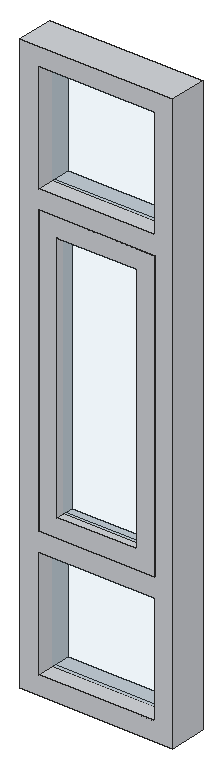
Revit family "W6_鋁窗", category 窗, Revit 2014
Parameters (values of type "50 x 190 cm")
  熱阻 (R) = 0.271106 (m²·K)/W
  Visual Light Transmittance = 0.9
  Solar Heat Gain Coefficient = 0.78
  營造類型 Id = "GSP4R"
  Height = 1900 mm
  傳熱係數 (U) = 3.6886 W/(m²·K)
  預設窗台高度 = 450 mm
  關鍵註記 = "固定窗-矩形"
  Rough Height = Height  # 1900 mm
  Rough Width = Width  # 500 mm
  玻璃材質 = 玻璃
  牆封閉 = 依主體
  Width = 500 mm
  裝飾外框材料 = none
  裝飾外框寬度 = 60 mm
  裝飾外框厚度 = 60 mm
  解析營造 = "1/8 英吋 Pilkington 單層鑲嵌玻璃"
Reference planes
  plane 1: y = 0
  plane 2 "中心 (左/右)": x = 0
  plane 3 "左": x = -250
  plane 4 "右": x = 250
  plane 5 "窗台": z = 450
  plane 6 "標頭": z = 2350
  plane 7 "外部": y = 75
  plane 8 "內部": y = -75
  plane 9: z = 1900
  plane 10: z = 900
Forms (mm)
  Extrusion 1, solid, material <- "裝飾外框材料"
    sketch origin (-5000, 0, 0) x (1, 0, 0) y (0, 0, 1)
      loop
        line (5250, 2350) -> (4750, 2350) -> (4750, 450) -> (5250, 450) -> (5250, 2350)
      loop
        line (5190, 2290) -> (4810, 2290) -> (4810, 1930) -> (5190, 1930) -> (5190, 2290)
      loop
        line (4810, 510) -> (5190, 510) -> (5190, 870) -> (4810, 870) -> (4810, 510)
      loop
        line (5190, 1870) -> (4810, 1870) -> (4810, 930) -> (5190, 930) -> (5190, 1870)
    from -60 to 60
  Extrusion 2, solid, material "玻璃" <- "玻璃材質"
    sketch origin (-5000, 0, 0) x (1, 0, 0) y (0, 0, 1)
      loop
        line (5190, 2290) -> (4810, 2290) -> (4810, 1930) -> (5190, 1930) -> (5190, 2290)
      loop
        line (5190, 870) -> (4810, 870) -> (4810, 510) -> (5190, 510) -> (5190, 870)
    from -5 to 5
Lines and regions (mm)
  Opening 1
    outline origin (3500, -75, 0) x (1, 0, 0) y (0, 0, 1)
      loop
        line (-3250, 450) -> (-3250, 2350) -> (-3750, 2350) -> (-3750, 450) -> (-3250, 450)
  symbolic lines, style "立面圖打開方向"
    curve 1: line (-190, 0, 1870) -> (190, 0, 1400)
    curve 2: line (190, 0, 1400) -> (-190, 0, 930)
Text (mm)
  text "外部" at (-1963.203, 1332.353, 0), in view "參考樓層"
  text "內部" at (-1981.466, -818.386, 0), in view "參考樓層"
  text "外部" at (0, 923.751, 2943.296), in view "右"
  text "外部" at (0, 1040.484, 2685.409), in view "左"
Dimensions and locks
  equal spacing: plane 3 "左", plane 2 "中心 (左/右)", plane 4 "右"
  "Width": plane 3 "左" to plane 4 "右"
  "Height": plane 5 "窗台" to plane 6 "標頭"
  "預設窗台高度": plane 5 "窗台" to level
  locked: plane 7 "外部" to host wall at 0
  locked: plane 8 "內部" to host wall
  locked: plane 9 to plane 6 "標頭" at 450
  locked: plane 5 "窗台" to plane 10 at 450
  aligned and locked: Extrusion 2 to Extrusion 1  (x8)
  aligned and locked: nested 1 to Extrusion 1  (x4)
Automatic sketch dimensions
  Opening 1 sketch curve to plane 3 "左" = 0 mm
  Opening 1 sketch curve to plane 4 "右" = 0 mm
  Opening 1 sketch curve to plane 5 "窗台" = 0 mm
  Opening 1 sketch curve to plane 6 "標頭" = 0 mm
  plane 3 "左" to Extrusion 1 sketch curve = 0 mm
  plane 4 "右" to Extrusion 1 sketch curve = 0 mm
  Extrusion 1 sketch curve to plane 5 "窗台" = 0 mm
  Extrusion 1 sketch curve to plane 6 "標頭" = 0 mm
  Extrusion 1 sketch curve to plane 3 "左" = 60 mm  (x3)
  plane 4 "右" to Extrusion 1 sketch curve = 60 mm  (x3)
  Extrusion 1 sketch curve to plane 5 "窗台" = 60 mm
  plane 6 "標頭" to Extrusion 1 sketch curve = 60 mm
  plane 10 to Extrusion 1 sketch curve = 30 mm
  plane 9 to Extrusion 1 sketch curve = 30 mm
  Extrusion 1 sketch curve to plane 9 = 30 mm
  Extrusion 1 sketch curve to plane 10 = 30 mm
  Extrusion 2 sketch curve to plane 3 "左" = 60 mm  (x2)
  Extrusion 2 sketch curve to plane 5 "窗台" = 60 mm
  plane 4 "右" to Extrusion 2 sketch curve = 60 mm  (x2)
  Extrusion 2 sketch curve to plane 10 = 30 mm
  plane 9 to Extrusion 2 sketch curve = 30 mm
  plane 6 "標頭" to Extrusion 2 sketch curve = 60 mm
  plane 4 "右" to curve 1 = 60 mm
  curve 2 to plane 3 "左" = 60 mm
  curve 1 to plane 3 "左" = 60 mm
  plane 10 to curve 2 = 30 mm
  curve 2 to plane 9 = 500 mm
  curve 1 to plane 9 = 30 mm
Nested families
  nested 1: "窗框" at (-267.428, 919.367, -70), type "窗框"
    with Height 940 mm, Width 380 mm
Definition of nested family "窗框"
  Parameters (values of type "窗框")
    Height [instance] = 500 mm
    護桿寬度 = 20 mm
    護桿厚度 = 10 mm
    Rough Height = 500 mm
    Rough Width = 600 mm
    Width [instance] = 600 mm
    裝飾外框材料 = none
    玻璃材質 = none
    玻璃厚度 = 10 mm
    裝飾外框寬度 = 60 mm
    裝飾外框厚度 = 60 mm
    Assembly Code = ""
  Reference planes
    plane 1 "中心 (前/後)": y = -919.367
    plane 2: z = 0
    plane 3 "中心 (左/右)": x = 267.428
    plane 4 "玻璃-上": y = -944.367
    plane 5 "玻璃-下": y = -954.367
    plane 6: y = -979.367
    plane 7: x = -32.572
    plane 8: x = 567.428
    plane 9: x = 27.428
    plane 10: x = 507.428
    plane 11: z = 1440
    plane 12: z = 1500
    plane 13: z = 1060
    plane 14: z = 1000
    plane 15: y = -949.367
  Forms (mm)
    Extrusion 1, solid, material <- "玻璃材質"
      sketch origin (-1499.274, -949.367, 1200) x (-1, 0, 0) y (0, 0, 1)
        loop
          line (-1526.702, 240) -> (-2006.702, 240) -> (-2006.702, -140) -> (-1526.702, -140) -> (-1526.702, 240)
      from -5 to 5
    Extrusion 2, solid, material <- "裝飾外框材料"
      sketch origin (-1499.274, -949.367, 1200) x (-1, 0, 0) y (0, 0, 1)
        loop
          line (-1466.702, 300) -> (-2066.702, 300) -> (-2066.702, -200) -> (-1466.702, -200) -> (-1466.702, 300)
        loop
          line (-1526.702, 240) -> (-2006.702, 240) -> (-2006.702, -140) -> (-1526.702, -140) -> (-1526.702, 240)
      from -30 to 30
  Dimensions and locks
    equal spacing: plane 10, plane 3 "中心 (左/右)", plane 9
    "裝飾外框寬度": plane 8 to plane 10
    "裝飾外框寬度": plane 9 to plane 7
    "裝飾外框寬度": plane 12 to plane 11
    "Width": plane 8 to plane 7
    "裝飾外框寬度": plane 13 to plane 14
    "Height": plane 12 to plane 14
    plane 14 to level = 1000 mm
    equal spacing: plane 4 "玻璃-上", plane 15, plane 5 "玻璃-下"
    "玻璃厚度": plane 4 "玻璃-上" to plane 5 "玻璃-下"
    equal spacing: plane 6, plane 15, plane 1 "中心 (前/後)"
    "裝飾外框厚度": plane 6 to plane 1 "中心 (前/後)"
    aligned and locked: Extrusion 1 sketch curve to plane 11
    aligned and locked: plane 9 to Extrusion 1 sketch curve
    aligned and locked: Extrusion 1 sketch curve to plane 10
    aligned and locked: plane 13 to Extrusion 1 sketch curve
    aligned and locked: plane 7 to Extrusion 2 sketch curve
    aligned and locked: Extrusion 2 sketch curve to plane 12
    aligned and locked: Extrusion 2 sketch curve to plane 8
    aligned and locked: plane 9 to Extrusion 2 sketch curve
    aligned and locked: plane 13 to Extrusion 2 sketch curve
    aligned and locked: Extrusion 2 sketch curve to plane 10
    aligned and locked: Extrusion 2 sketch curve to plane 11
    aligned and locked: Extrusion 2 sketch curve to plane 14
    aligned and locked: plane 2 to level
    aligned and locked: plane 6 to Extrusion 2
    aligned and locked: plane 1 "中心 (前/後)" to Extrusion 2
    aligned and locked: plane 5 "玻璃-下" to Extrusion 1
    aligned and locked: plane 4 "玻璃-上" to Extrusion 1
